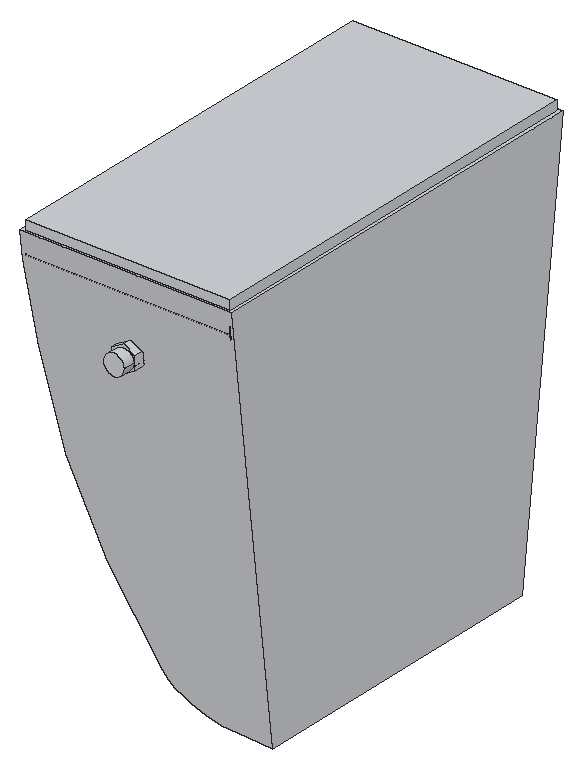
Revit family "0049945_EM mode", category Lighting Fixtures, host Face, Revit 2018
Family settings
  Host = Face
  Round Connector Dimension = Use Diameter
  Part Type = Normal
  OmniClass Number = 23.80.70.00
  OmniClass Title = Lighting
  Cut with Voids When Loaded = No
  Light Source = Yes
  Shared = No
  Room Calculation Point = No
Parameters (values of type "0049945 MURO SURF IP65 1700-3250LM 840 PH E3 GR")
  Weight = "n/a"
  Wattage Comments = ""
  Wattage = 0 W
  WarrantyStartDate [instance] = "n/a"
  WarrantyGuarantorParts = "n/a"
  WarrantyDurationUnit = "n/a"
  WarrantyDurationParts = ""
  WarrantyDescription = "http://www.sylvania-lighting.com"
  built-in parameter 1150110 = 1 (stored number, unit not read)
  Voltage = 0 V
  URL = "0.9"
  TypeName = "Muro Surface IP65 1700-3250lm 840 PH E3 Grey"
  Type Image = <None>
  Type Comments = "n/a"
  built-in parameter 1114217 = 1 (stored number, unit not read)
  Tilt Angle = -90.00°
  built-in parameter 1150109 = 1 (stored number, unit not read)
  built-in parameter 1150134 = 12
  built-in parameter 1150113 = 1 (stored number, unit not read)
  SerialNumber [instance] = "n/a"
  Photometric Web File = "0049945_EM mode.IES"
  Material_3_SYL = none
  PowerFactor = 0.95
  PowerConsumption = "Lighting"
  NominalLength = 155 mm
  NominalHeight = 305 mm
  NominalDepth = 155 mm
  Name = "Muro Surface IP65 1700-3250lm 840 PH E3 Grey"
  ModelReference = Name  # "Muro Surface IP65 1700-3250lm 840 PH E3 Grey"
  ModelNumber = "0049945"
  Model = Name  # "Muro Surface IP65 1700-3250lm 840 PH E3 Grey"
  Material = "Feilo Sylvania"
  ManufacturerName = "108 lm/W"
  Manufacturer = ""
  LuminousEfficacy = ""
  built-in parameter 1150105 = (empty or 0)
  Lumens = 0 lm
  LuminaireType = "0"
  built-in parameter 1150115 = 1 (stored number, unit not read)
  LightOutputRatio = "LED"
  built-in parameter 1150137 = (empty or 0)
  built-in parameter 1150139 = (empty or 0)
  LampsType = Lamp  # "n/a"
  LampNominalLuminous = "4000 K"
  LampMacAdamStep = "80"
  LampColourTemperature = "LED"
  LampColourRenderingIndex = "16500"
  built-in parameter 1150112 = 1 (stored number, unit not read)
  built-in parameter 1150114 = 1 (stored number, unit not read)
  Lamp = "n/a"
  Keynote = "n/a"
  InstallationDate [instance] = "n/a"
  InputVoltage = "0"
  InputNominalFrequency = "4000"
  built-in parameter 1150132 = (empty or 0)
  built-in parameter 1150102 = (empty or 0)
  built-in parameter 1150107 = 4000 (stored number, unit not read)
  built-in parameter 1150138 = (empty or 0)
  IngressProtection = "IfcLightFixtureType"
  ImpactProtectionIndex = "IfcLightFixtureType"
  built-in parameter 1150106 = (empty or 0)
  IfcExportType = "IfcLightFixtureType"
  IfcExportAs = "Class I"
  Emit from Circle Diameter = 609.6 mm
  Emit Shape Visible in Rendering = no
  ElectricShockClassification = "108"
  built-in parameter 1150104 = 11.334 (stored number, unit not read)
  DocumentationLiterature = "http://www.sylvania-lighting.com/product/en-int/products/0049945"
  DimmingControlOptions = "n/a"
  Material_2_SYL = none
  Dimming Lamp Color Temperature Shift = <None>
  Description = "Muro Surface is a wall mounted fixture for exterior lighting applications with 3 hours combined non-maintained emergency unit. Comes with aluminium housing in RAL7016 anthracite grey colour, frosted PC diffuser, IP65, IK10, Class I, 4000K, non-dimmable multipower driver with 5 settings, 1700 / 1900 / 2750 / 3150 / 3250 lm, 16 / 18 / 26 / 29 / 30 W, up to 109 lm/W total system efficacy, switchable built in Mini photocell, CRI80, Asymmetrical beam, 119.000 hrs L70B50 lifespan, 304 x 305 x 155 mm (L x W x D) dimensions, 4.32 kg weight."
  Default Elevation = 1219.2 mm
  CreatedOn = "27/06/2022"
  CreatedBy = "@sylvania-lighting.com"
  Cost = 0
  Color Filter = 16777215
  built-in parameter 1114216 [instance] = (empty or 0)
  ClassificationValue = "EF_70_80"
  ClassificationName = "Uniclass2015"
  Material_1_SYL = none
  BarCode [instance] = "n/a"
  built-in parameter 1114218 = 1 (stored number, unit not read)
  built-in parameter 1150133 = 10 (stored number, unit not read)
  AssetType = "Fixed"
  AssetIdentifier [instance] = "n/a"
  Assembly Code = "D5020200"
  Apparent Load = 30 VA
  Material_4_SYL = none
Reference planes
  plane 1 "Center (Front/Back)": y = 0
  plane 2: z = 0
  plane 3 "Center (Left/Right)": x = 0
  plane 4: x = -78
  plane 5: x = 78
  plane 6: z = -305
  plane 7: y = 150
  plane 8: y = -150
  plane 9: x = -75
  plane 10: x = 75
  plane 11: y = 115
  plane 12: y = -115
  plane 13: z = -65
  plane 14: x = -2
Forms (mm)
  Extrusion 1, solid
    sketch origin (0, 0, 0) x (1, 0, 0) y (0, 0, 1)
      loop
        line (78, -310) -> (78, -6.48) -> (-78, -6.48) -> (-78, -26.48) -> (-72.235, -85.387)
        arc (-72.235, -85.387) -> (-48.397, -189.323) -> (-0.704, -284.698) r 448.659
        arc (-0.704, -284.698) -> (5.844, -292.285) -> (14.114, -297.948) r 38.9
        line (14.114, -297.948) -> (19.517, -300.701)
        arc (19.517, -300.701) -> (35.277, -306.672) -> (51.956, -309.091) r 77.403
        line (51.956, -309.091) -> (78, -310)
    from -152 to 152
  Extrusion 2, solid
    sketch origin (0, 0, 0) x (1, 0, 0) y (0, 1, 0)
      loop
        line (75, 150) -> (-75, 150) -> (-75, -150) -> (75, -150) -> (75, 150)
    from -26.48 to 0
  Extrusion 3, void
    sketch origin (319, 1524, 1219.2) x (0, 1, 0) y (0, 0, 1)
      loop
        line (-1412.802, -1554.876) -> (-1285.02, -1554.876) -> (-1262, -1225.68) -> (-1372, -1225.68) -> (-1412.802, -1554.876)
    from -490.123 to 1
  Extrusion 4, void
    sketch origin (319, -1524, 1219.2) x (0, -1, 0) y (0, 0, -1)
      loop
        line (-1412.802, 1554.876) -> (-1372, 1225.68) -> (-1262, 1225.68) -> (-1285.02, 1554.876) -> (-1412.802, 1554.876)
    from -490.123 to 1
  Extrusion 5, solid
    sketch origin (0, 0, 0) x (1, 0, 0) y (0, 0, 1)
      loop
        circle (-2, -65) r 7.5
    from 0 to 160.393
  Extrusion 6, solid
    sketch origin (0, 0, 0) x (1, 0, 0) y (0, 0, 1)
      loop
        line (-2, -55) -> (-10.66, -60) -> (-10.66, -70) -> (-2, -75) -> (6.66, -70) -> (6.66, -60) -> (-2, -55)
    from 0 to 152
Cuts and joins
  Extrusion 3, Extrusion 4 cuts Extrusion 1
  Extrusion 4 cuts Extrusion 2
Dimensions and locks
  aligned and locked: plane 2 to host face
  aligned and locked: level to host face
Connectors
  electrical at (78, 0, -158.24)
    settings: on cut or joined group of Extrusion 1, Extrusion 3, Extrusion 4, index 1, voltage 0 V, apparent load 0 VA, apparent load phase1 0 VA, apparent load phase2 0 VA, apparent load phase3 0 VA, power factor 1, load classification "Other", number of poles 1, system type 31, power factor state 1, is connector primary yes, connector utility no, sub classification motor no, connector description ""
